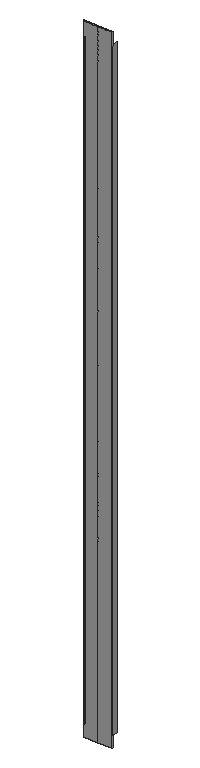
Revit family "ITK by ZPAS__Органайзер кабельный вертикальный 19_42U-47U_800 мм", category Обобщенные модели, Revit 2019
Family settings
  Может служить основой для арматурных стержней = Нет
  Размер круглого соединителя = Использовать диаметр
  Тип детали = Нормальный
  На основе рабочей плоскости = Нет
  Всегда вертикально = Да
  При загрузке вырезать с полостями = Нет
  Общий = Нет
  Точка расчета площади = Нет
Parameters (values of type "47U")
  Ширина = 100 mm  # constant formula
  Степень защиты = ""
  Материал = Окраска - RAL 7035
  Изготовитель = "ITK"  # constant formula
  Дата изменения = ""
  Глубина = 20 mm  # constant formula
  Высота = 2192.5 mm
  Тип монтажа = "Установка на захваты"  # constant formula
  URL = "https://www.iek.ru/"
  KSI_CPr_Строительные изделия = "61.1.04.08"  # constant formula
  KSI_CMa_Строительные материалы = "10.03.02.06"  # constant formula
  IEK_Цена за единицу = 6394.18
  IEK_Поиск в таблице имен = ""
  IEK_Описание = "Органайзеры крепятся к каркасу шкафа."
  IEK_URL = "https://www.itk-group.ru/produktsiya/catalog/oborudovanie_telekommunikatsionnoe/kompleksnye_resheniya_dlya_tsod/shkafy_i_aksessuary_dlya_tsod/komplektuyushchie_i_aksessuary_dlya_shkafov_itk_by_zpas/kabelnye_organizatory_itk_by_zpas/itk_by_zpas_organayzer_kabelnyy_vertikalnyy_19_47u_800mm"
  ADSK_Примечание = ""
  ADSK_Позиция [instance] = ""
  ADSK_Наименование = "ITK by ZPAS Органайзер кабельный вертикальный 19\" 47U 800"
  ADSK_Материал обозначение = ""
  ADSK_Материал наименование = "Листовая сталь"  # constant formula
  ADSK_Масса = 0.7
  ADSK_Марка = "by ZPAS"  # constant formula
  ADSK_Код изделия = "ZP-CO-47U-V-0800"
  ADSK_Завод-изготовитель = "IEK"  # constant formula
  ADSK_Единица измерения = "шт"  # constant formula
  ADSK_Группирование = "I. ЩИТЫ И ПУЛЬТЫ"  # constant formula
  ADSK_Версия семейства = "1.0"  # constant formula
  ADSK_Версия Revit = "2019"  # constant formula
  ADSK_URL страницы изделия = "https://www.itk-group.ru/produktsiya/catalog/oborudovanie_telekommunikatsionnoe/kompleksnye_resheniya_dlya_tsod/shkafy_i_aksessuary_dlya_tsod/komplektuyushchie_i_aksessuary_dlya_shkafov_itk_by_zpas/kabelnye_organizatory_itk_by_zpas/?pagec=50"
Types (3, lengths in mm): name | Высота | IEK_Цена за единицу | IEK_URL | ADSK_Наименование | ADSK_Масса | ADSK_Код изделия
  42U | 1992.5 | 5634.8 | "https://www.itk-group.ru/produktsiya/catalog/oborudovanie_telekommunikatsionnoe/kompleksnye_resheniya_dlya_tsod/shkafy_i_aksessuary_dlya_tsod/komplektuyushchie_i_aksessuary_dlya_shkafov_itk_by_zpas/kabelnye_organizatory_itk_by_zpas/itk_by_zpas_organayzer_kabelnyy_vertikalnyy_19_42u_800mm" | "ITK by ZPAS Органайзер кабельный вертикальный 19\" 42U 800" | 0.5 | "ZP-CO-42U-V-0800"
  45U | 2092.5 | 6007.12 | "https://www.itk-group.ru/produktsiya/catalog/oborudovanie_telekommunikatsionnoe/kompleksnye_resheniya_dlya_tsod/shkafy_i_aksessuary_dlya_tsod/komplektuyushchie_i_aksessuary_dlya_shkafov_itk_by_zpas/kabelnye_organizatory_itk_by_zpas/itk_by_zpas_organayzer_kabelnyy_vertikalnyy_19_45u_800mm" | "ITK by ZPAS Органайзер кабельный вертикальный 19\" 45U 800" | 0.6 | "ZP-CO-45U-V-0800"
  47U | 2192.5 | 6394.18 | "https://www.itk-group.ru/produktsiya/catalog/oborudovanie_telekommunikatsionnoe/kompleksnye_resheniya_dlya_tsod/shkafy_i_aksessuary_dlya_tsod/komplektuyushchie_i_aksessuary_dlya_shkafov_itk_by_zpas/kabelnye_organizatory_itk_by_zpas/itk_by_zpas_organayzer_kabelnyy_vertikalnyy_19_47u_800mm" | "ITK by ZPAS Органайзер кабельный вертикальный 19\" 47U 800" | 0.7 | "ZP-CO-47U-V-0800"
Reference planes
  plane 1 "По центру (Вперед/Назад)": y = 0
  plane 2: z = 0
  plane 3 "По центру (Влево/Вправо)": x = 0
  plane 4: y = 10
  plane 5: y = -10
  plane 6: x = -50
  plane 7: x = 50
  plane 8: z = 2192.5
  plane 9: z = 40
  plane 10: z = 2152.5
Forms (mm)
  Extrusion 1, solid, material "Окраска - RAL 7035" <- "Материал", detail levels fine
    sketch origin (0, 0, 0) x (1, 0, 0) y (0, 1, 0)
      loop
        line (-50, 10) -> (-50, -7.998)
        arc (-50, -7.998) -> (-49.414, -9.414) -> (-47.998, -10) r 2.002
        line (-47.998, -10) -> (0, -10) -> (47.998, -10)
        arc (47.998, -10) -> (49.414, -9.414) -> (50, -7.998) r 2.002
        line (50, -7.998) -> (50, 10) -> (48.019, 10) -> (48.019, -6)
        arc (48.019, -6) -> (47.433, -7.414) -> (46.018, -8) r 2
        line (46.018, -8) -> (0, -8) -> (-46.018, -8)
        arc (-46.018, -8) -> (-47.433, -7.414) -> (-48.019, -6) r 2
        line (-48.019, -6) -> (-48.019, 10) -> (-50, 10)
    from 0 to 2192.5 <- "Высота"
  Extrusion 2, void
    sketch origin (0, 0, 0) x (0, 1, 0) y (0, 0, 1)
      loop
        line (10, 2192.5) -> (-7.998, 2192.5) -> (-7.998, 2152.5) -> (10, 2152.5) -> (10, 2192.5)
    from 50 to -50
  Extrusion 3, void
    sketch origin (0, 0, -2100) x (0, 1, 0) y (0, 0, 1)
      loop
        line (10, 2140) -> (-7.998, 2140) -> (-7.998, 2100) -> (10, 2100) -> (10, 2140)
    from 50 to -50
  Extrusion 4, solid, material "Условный материал-отделка", detail levels coarse+medium
    sketch origin (0, 0, 0) x (1, 0, 0) y (0, 1, 0)
      loop
        line (-50, 10) -> (-50, -10) -> (50, -10) -> (50, 10) -> (-50, 10)
    from 0 to 2192.5 <- "Высота"
Cuts and joins
  Extrusion 2, Extrusion 3 cuts Extrusion 1
Dimensions and locks
  equal spacing: plane 6, plane 3 "По центру (Влево/Вправо)", plane 7
  "Ширина": plane 6 to plane 7
  equal spacing: plane 4, plane 1 "По центру (Вперед/Назад)", plane 5
  "Глубина": plane 4 to plane 5
  "Высота": plane 8 to level
  locked: plane 8 to plane 10 at 40
  locked: plane 9 to level at 40
  aligned and locked: level to plane 2
  aligned and locked: Extrusion 2 to plane 6
  aligned and locked: plane 7 to Extrusion 2
  aligned and locked: Extrusion 4 sketch curve to cut or joined group of Extrusion 1, Extrusion 2, Extrusion 3  (x2)
  aligned and locked: plane 5 to Extrusion 4 sketch curve
  aligned and locked: Extrusion 4 sketch curve to plane 7
Automatic sketch dimensions
  Extrusion 1 sketch curve to plane 6 = 0 mm
  Extrusion 1 sketch curve to plane 4 = 0 mm  (x2)
  Extrusion 1 sketch curve to plane 5 = 0 mm
  Extrusion 1 sketch curve to plane 3 "По центру (Влево/Вправо)" = 0 mm  (x2)
  Extrusion 1 sketch curve to plane 7 = 0 mm
  plane 6 to Extrusion 1 sketch curve = 1.981 mm
  plane 6 to Extrusion 1 sketch curve = 2.002 mm
  Extrusion 1 sketch curve to Extrusion 1 sketch curve = 2 mm
  Extrusion 1 sketch curve to plane 7 = 3.982 mm
  Extrusion 1 sketch curve to Extrusion 1 sketch curve = 1.98 mm
  Extrusion 1 sketch curve to Extrusion 1 sketch curve = 1.981 mm
  Extrusion 1 sketch curve to Extrusion 1 sketch curve = 0.002 mm
  Extrusion 2 sketch curve to plane 8 = 0 mm
  Extrusion 2 sketch curve to plane 10 = 0 mm
  Extrusion 2 sketch curve to plane 4 = 0 mm
  plane 5 to Extrusion 2 sketch curve = 2.002 mm
  Extrusion 3 sketch curve to plane 9 = 0 mm
  Extrusion 3 sketch curve to level = 0 mm
  Extrusion 3 sketch curve to plane 4 = 0 mm
  plane 5 to Extrusion 3 sketch curve = 2.002 mm
